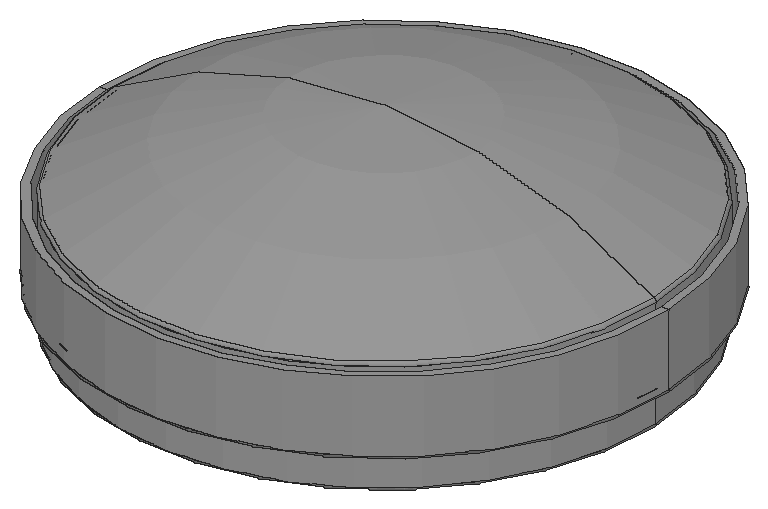
Revit family "3034775 Sylvania Lighting Fixture GIOTTO305 LED G2 3000K RECESSED MW", category Lighting Fixtures, host Face, Revit 2016
Family settings
  Host = Face
  Part Type = Normal
  Round Connector Dimension = Use Diameter
  OmniClass Number = 23.80.70.00
  OmniClass Title = Lighting
  Cut with Voids When Loaded = No
  Light Source = Yes
  Shared = No
  Room Calculation Point = No
Parameters (values of type "3034775 GIOTTO305 LED G2 3000K RECESSED MW")
  Weight = "1.11 kg"
  Wattage Comments = ""
  Wattage = 19 W
  WarrantyStartDate [instance] = "n/a"
  WarrantyGuarantorParts = "n/a"
  WarrantyDurationUnit = "n/a"
  WarrantyDurationParts = "n/a"
  WarrantyDescription = "n/a"
  built-in parameter 1150110 = 1 (stored number, unit not read)
  Voltage = 0 V
  URL = "http://www.sylvania-lighting.com"
  TypeName = "GIOTTO305 LED G2 3000K RECESSED MW"
  Type Image = <None>
  Type Comments = "n/a"
  built-in parameter 1114217 = 1 (stored number, unit not read)
  Tilt Angle = -90.00°
  built-in parameter 1150109 = 1 (stored number, unit not read)
  built-in parameter 1150134 = (empty or 0)
  built-in parameter 1150113 = 1 (stored number, unit not read)
  SerialNumber [instance] = "n/a"
  Photometric Web File = "3034775.ies"
  Material_3_SYL = LED-Sylvania
  PowerFactor = 0
  PowerConsumption = "19 W"
  NominalLength = 305 mm
  NominalHeight = 104 mm
  NominalDepth = 305 mm
  Name = "GIOTTO305 LED G2 3000K RECESSED MW"
  ModelReference = Name  # "GIOTTO305 LED G2 3000K RECESSED MW"
  ModelNumber = "3034775"
  Model = Name  # "GIOTTO305 LED G2 3000K RECESSED MW"
  Material = "polycarbonate housing, polycarbonate diffuser"
  ManufacturerName = "Feilo Sylvania"
  Manufacturer = "Feilo Sylvania"
  LuminousEfficacy = "78 lm/W"
  built-in parameter 1150105 = 117.93 (stored number, unit not read)
  Lumens = 1482 lm
  LuminaireType = ""
  built-in parameter 1150115 = 1 (stored number, unit not read)
  LightOutputRatio = "n/a"
  built-in parameter 1150137 = (empty or 0)
  built-in parameter 1150139 = (empty or 0)
  LampsType = Lamp  # "LED"
  LampNominalLuminous = "1491 lm"
  LampMacAdamStep = "n/a"
  LampColourTemperature = "3000 K"
  LampColourRenderingIndex = "80"
  built-in parameter 1150112 = 1 (stored number, unit not read)
  built-in parameter 1150114 = 1 (stored number, unit not read)
  Lamp = "LED"
  Keynote = "16500"
  InstallationDate [instance] = "n/a"
  InputVoltage = "n/a"
  InputNominalFrequency = "n/a"
  built-in parameter 1150132 = (empty or 0)
  built-in parameter 1150102 = (empty or 0)
  built-in parameter 1150107 = 3000 (stored number, unit not read)
  built-in parameter 1150138 = (empty or 0)
  IngressProtection = "IP44"
  ImpactProtectionIndex = "IK10"
  built-in parameter 1150106 = 1.1793 (stored number, unit not read)
  IfcExportType = "IfcLightFixtureType"
  IfcExportAs = "IfcLightFixtureType"
  Height_SYL = 104 mm
  ExpectedLife = 50000
  Emit from Circle Diameter = 317 mm
  Emit Shape Visible in Rendering = no
  ElectricShockClassification = "Class I"
  built-in parameter 1150104 = 7.2464 (stored number, unit not read)
  DurationUnit = "hours"
  DocumentationLiterature = "http://www.sylvania-lighting.com/product/en-int/products/3034775"
  DimmingControlOptions = "n/a"
  Material_2_SYL = Polycarbonate_Sylvania_Giotto_Opal
  Dimming Lamp Color Temperature Shift = <None>
  DiffuserRadius_SYL = 282.611 mm
  Diameter_SYL = 305 mm
  Description = "Ambient and decorative round, recessed mounted LED bulkhead luminaire. White robust polycarbonate body with opal diffuser, 1491 lm, 19W, 78lm/W, 3000K, CRI 80, non-dimmable, integral microwave sensor. 50,000 hours lumen maintenance. Drive current: 700mA, IP44, IK10, Class I, 220-240V, Energy class: A++, A+, A."
  Default Elevation = 1219.2 mm
  CreatedOn = "11/7/2018"
  CreatedBy = "@sylvania-lighting.com"
  Cost = 0
  Color Filter = 16777215
  built-in parameter 1114216 [instance] = (empty or 0)
  ClassificationValue = "EF_70_80"
  ClassificationName = "Uniclass2015"
  Material_1_SYL = Polycarbonate_Sylvania_Giotto_White
  BarCode [instance] = "n/a"
  built-in parameter 1114218 = 1 (stored number, unit not read)
  built-in parameter 1150133 = 10 (stored number, unit not read)
  AssetType = "Fixed"
  AssetIdentifier [instance] = "n/a"
  Assembly Code = "D5020200"
  Apparent Load = 19 VA
  Material_4_SYL = none
Reference planes
  plane 1 "Center (Front/Back)": y = 0
  plane 2: z = 0
  plane 3 "Center (Left/Right)": x = 0
  plane 4: x = 152.5
  plane 5: x = -152.5
  plane 6: x = -145.5
  plane 7: x = -148.5
  plane 8: z = 104
  plane 9: z = 59
  plane 10: z = 19
  plane 11: z = 24
  plane 12: x = -150.9
  plane 13: z = 20.6
  plane 14: z = 1.6
  plane 15: x = -143.9
  plane 16: z = 18
  plane 17: x = -146.5
  plane 18: z = 25
  plane 19: z = 61
Forms (mm)
  Revolve 1, solid, material "Polycarbonate_Sylvania_Giotto_White" <- "Material_1_SYL"
    sketch origin (0, 0, 0) x (1, 0, 0) y (0, 0, 1)
      loop
        line (0, 0) -> (0, 25) -> (-143.9, 25) -> (-143.9, 24) -> (-148.5, 24) -> (-148.5, 59) -> (-152.5, 59) -> (-152.5, 20.6)
        arc (-152.5, 20.6) -> (-152.031, 19.469) -> (-150.9, 19) r 1.6
        line (-150.9, 19) -> (-146.5, 19)
        arc (-146.5, 19) -> (-145.793, 18.707) -> (-145.5, 18) r 1
        line (-145.5, 18) -> (-145.5, 1.6)
        arc (-145.5, 1.6) -> (-145.031, 0.469) -> (-143.9, 0) r 1.6
        line (-143.9, 0) -> (0, 0)
      axis (0, 59) -> (0, 0)
    angle from 360 to 0
  Revolve 2, solid, material "Polycarbonate_Sylvania_Giotto_Opal" <- "Material_2_SYL"
    sketch origin (0, 0, 0) x (1, 0, 0) y (0, 0, 1)
      loop
        line (-145.5, 24) -> (-143.9, 24) -> (-143.9, 59.636)
        arc (-143.9, 59.636) -> (-143.79, 60.068) -> (-143.485, 60.394) r 0.9
        arc (-143.485, 60.394) -> (-74.754, 91.683) -> (0, 102.4) r 266.066
        line (0, 102.4) -> (0, 104)
        arc (0, 104) -> (-75.203, 93.218) -> (-144.348, 61.742) r 267.666
        arc (-144.348, 61.742) -> (-145.193, 60.836) -> (-145.5, 59.636) r 2.5
        line (-145.5, 59.636) -> (-145.5, 24)
      axis (0, 104) -> (0, 24)
    angle from 360 to 0
Dimensions and locks
  equal spacing: plane 4, plane 3 "Center (Left/Right)", plane 5
  "Diameter_SYL": plane 4 to plane 5
  locked: plane 6 to plane 5 at 7
  locked: plane 7 to plane 5 at 4
  "Height_SYL": plane 8 to plane 2
  locked: plane 8 to plane 9 at 45
  locked: plane 9 to plane 10 at 40
  Revolve 1 sketch curve to Revolve 1 sketch curve = 4.4 mm
  locked: plane 11 to plane 10 at 5
  locked: plane 12 to plane 5 at 1.6
  locked: plane 13 to plane 10 at 1.6
  locked: plane 14 to plane 2 at 1.6
  locked: plane 15 to plane 6 at 1.6
  locked: plane 6 to plane 17 at 1
  locked: plane 10 to plane 16 at 1
  locked: plane 18 to plane 11 at 1
  locked: plane 19 to plane 9 at 2
  aligned and locked: plane 2 to host face
  aligned and locked: level to host face
  aligned and locked: Revolve 1 sketch curve to plane 3 "Center (Left/Right)"
  aligned and locked: level to Revolve 1 sketch curve
  aligned and locked: Revolve 1 sketch curve to plane 10
  aligned and locked: plane 9 to Revolve 1 sketch curve
  aligned and locked: Revolve 1 sketch curve to plane 7
  aligned and locked: plane 12 to Revolve 1 sketch curve  (x2)
  aligned and locked: plane 13 to Revolve 1 sketch curve  (x2)
  aligned and locked: plane 15 to Revolve 1 sketch curve  (x3)
  aligned and locked: plane 14 to Revolve 1 sketch curve  (x2)
  aligned and locked: plane 3 "Center (Left/Right)" to imposter light
  aligned and locked: imposter light to plane 1 "Center (Front/Back)"
  aligned and locked: plane 18 to Revolve 1 sketch curve
  aligned and locked: plane 11 to Revolve 1 sketch curve
  aligned and locked: imposter light to plane 8
  aligned and locked: plane 6 to Revolve 1 sketch curve
  aligned and locked: plane 17 to Revolve 1 sketch curve
  aligned and locked: plane 16 to Revolve 1 sketch curve
  aligned and locked: Revolve 2 sketch curve to plane 3 "Center (Left/Right)"
  aligned and locked: plane 6 to Revolve 2 sketch curve
  aligned and locked: plane 3 "Center (Left/Right)" to Revolve 2 sketch curve
  aligned and locked: plane 11 to Revolve 2 sketch curve
  aligned and locked: Revolve 2 sketch curve to imposter light
Automatic sketch dimensions
  host sketch curve to host sketch curve = 2438.4 mm  (x2)
  Revolve 1 sketch curve to plane 3 "Center (Left/Right)" = 0 mm
  Revolve 1 sketch curve to level = 609.6 mm
  Revolve 1 sketch curve to plane 8 = 2499.058 mm
  Revolve 2 sketch curve to Revolve 2 sketch curve = 0 mm  (x4)
  Revolve 2 sketch curve to plane 15 = 0 mm
  Revolve 2 sketch curve to plane 8 = 0 mm
  plane 15 to Revolve 2 sketch curve = 0.9 mm
  Revolve 2 sketch curve to level = 163.666 mm
  Revolve 2 sketch curve to plane 9 = 0.636 mm
  Revolve 2 sketch curve to Revolve 2 sketch curve = 445.934 mm
  Revolve 2 sketch curve to plane 8 = 2505.058 mm
Connectors
  electrical at (0, 0, 0), driven by "Apparent Load", driven by "PowerFactor", driven by "Voltage"
    settings: index 1, voltage 0 V, apparent load 19 VA, apparent load phase1 0 VA, apparent load phase2 0 VA, apparent load phase3 0 VA, power factor 0, load classification "Lighting", number of poles 1, system type 30, power factor state 1, is connector primary yes, connector utility no, sub classification motor no, connector description ""
